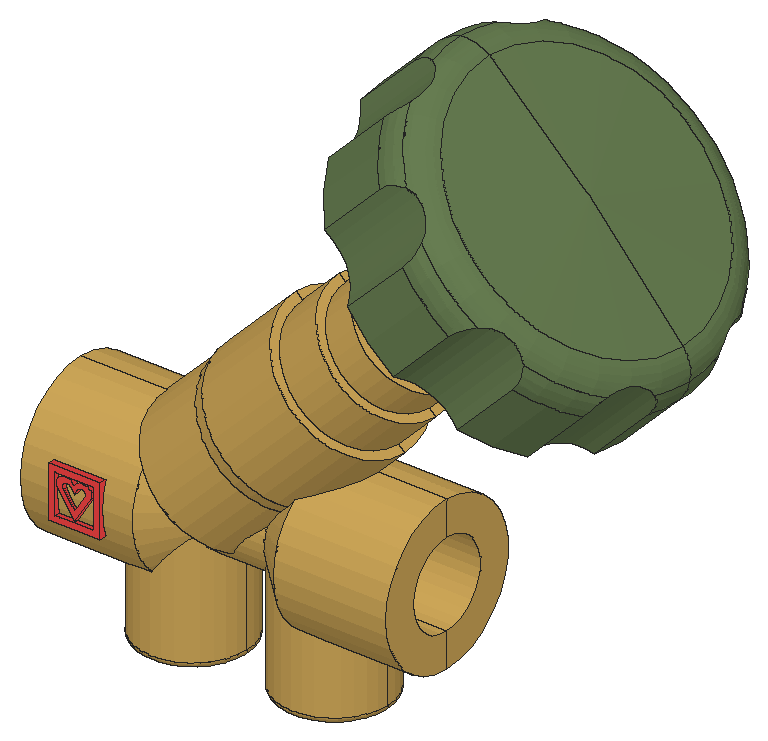
Revit family "Запорный клапан Strömax 4125 WD", category Rohrzubehör, Revit 2018
Family settings
  Bemaßung runder Anschluss = Durchmesser verwenden
  Teiletyp = Unterbricht
  OmniClass-Nummer = 23.65.55.14
  OmniClass-Titel = Valves for Liquid Services
  Arbeitsebenenbasiert = Nein
  Immer vertikal = Ja
  Beim Laden mit Abzugskörper schneiden = Nein
  Gemeinsam genutzt = Nein
Parameters
  Шпиндель = "Латунь CW617N"  # constant formula
  Уплотнение = "EPDM"  # constant formula
  Примечание = "В соответствии со статьей 33 Регламента REACH (Registration; Evaluation; Authorisation; Restriction of Chemicals) (EC № 1907/2006) мы обязаны указать, что свинец внесен в список SVHC (Substances of Very High Concern - вещества очень высокой важности) и весовой процент свинца во всех латунных компонентах заводского изготовления в наших изделиях, превышает 0,1 % (w/w) (CAS: 7439-92-1 / EINECS: 231-100-4).\r\nПоскольку свинец является легирующим компонентом сплава, прямое негативное влияние исключается, и поэтому дополнительной информации о безопасном использовании не требуется."
  Область применения = "Для перекрытия трубопроводов в системе питьевого водоснабжения в зданиях."
  Номер заказа [instance] = size_lookup("4125WD_", "Artnr", 0, Nennweite)  # 2412561
  Маховик = "пластик, цвет маховика - зеленый"  # constant formula
  Макс. рабочее давление = 2000000.0 Pa  # constant formula
  Макс. рабочая температура = 80 °C  # constant formula
  Корпус = "литая латунь, устойчивая к селективной цинковой коррозии, CC770S"  # constant formula
  Конус = "латунь, устойчивая к селективной цинковой коррозии, CW626N"  # constant formula
  Букса = "латунь, устойчивая к селективной цинковой коррозии, CW626N"  # constant formula
  W01 = 45.00°  # constant formula
  URL = "www.herz-armaturen.ru"
  Технически возможная область применения = " "  # constant formula
  SW01 = 60.00°  # constant formula
  SC_NennweiteBerechnet = 0
  SC_Dimension = ""
  SCTWSEQ = "FW_SBT_TYP_FW=\"109\";2"
  SCTWCODE = "04;00;02"  # constant formula
  S03 = 60 mm  # constant formula
  S02 [instance] = L06 + L09 + L12 + L15  # 77.9 mm
  S01 [instance] = R01 * 2  # 27 mm
  R12 [instance] = R01 - 1 mm  # 12.5 mm
  R11 [instance] = size_lookup("4125WD_", "R11", 46.5 mm, Nennweite)  # 5.1 mm
  R100 = 1 mm  # constant formula
  R10 [instance] = size_lookup("4125WD_", "R10", 46.5 mm, Nennweite)  # 8 mm
  R09 [instance] = size_lookup("4125WD_", "R9", 46.5 mm, Nennweite)  # 10.5 mm
  R08 [instance] = size_lookup("4125WD_", "R8", 46.5 mm, Nennweite)  # 12 mm
  R07 [instance] = size_lookup("4125WD_", "R7", 46.5 mm, Nennweite)  # 13.5 mm
  R06 [instance] = size_lookup("4125WD_", "R6", 43 mm, Nennweite)  # 13 mm
  R05 [instance] = Nennweite / 2  # 7.5 mm
  R03 = 9.5 mm  # constant formula
  R02 [instance] = Nennweite / 2  # 7.5 mm
  R01 [instance] = size_lookup("4125WD_", "R1", 11.5 mm, Nennweite)  # 13.5 mm
  Nennweite [instance] = 15 mm
  Мин. расход при Dp 10 кПа [instance] = if(Nennweite = 15 mm, 0.5 L/s, if(Nennweite = 20 mm, 1.0 L/s, if(Nennweite = 25 mm, 1.75 L/s, if(Nennweite = 32 mm, 3.0 L/s, if(Nennweite = 40 mm, 4.0 L/s, if(Nennweite = 50 mm, 6.75 L/s, if(Nennweite = 65 mm, 11.0 L/s, if(Nennweite = 80 mm, 16.0 L/s, 0.0 L/s))))))))  # 0.5 L/s
  Среда = "Питьевая вода"  # constant formula
  Макс. рабочая температура (в рамках ÖVGW-сертификации) = 65 °C  # constant formula
  Макс. перепад давления на закрытом седле = 1000000.0 Pa  # constant formula
  Макс. рабочее давление (в рамках ÖVGW-сертификации) = 1000000.0 Pa  # constant formula
  L16 [instance] = L01 / 2  # 10 mm
  L15 [instance] = size_lookup("4125WD_", "L15", 12.4 mm, Nennweite)  # 12.4 mm
  L14 [instance] = size_lookup("4125WD_", "L14", 81 mm, Nennweite)  # 6 mm
  L12 [instance] = size_lookup("4125WD_", "L12", 81 mm, Nennweite)  # 26 mm
  L11 [instance] = size_lookup("4125WD_", "L11", 60 mm, Nennweite)  # 6.7 mm
  L10 [instance] = size_lookup("4125WD_", "L10", 20 mm, Nennweite)  # 9.3 mm
  L09 [instance] = size_lookup("4125WD_", "L9", 11 mm, Nennweite)  # 17 mm
  L08 [instance] = size_lookup("4125WD_", "L8", 35 mm, Nennweite)  # 20 mm
  L07 [instance] = size_lookup("4125WD_", "L7", 35 mm, Nennweite)  # 12.5 mm
  L06 [instance] = size_lookup("4125WD_", "L6", 118 mm, Nennweite) - L09  # 22.5 mm
  L03 = 15 mm  # constant formula
  L02 [instance] = size_lookup("4125WD_", "L2", 22 mm, Nennweite)  # 6 mm
  L01 [instance] = size_lookup("4125WD_", "L1", 48 mm, Nennweite)  # 20 mm
  L00 [instance] = size_lookup("4125WD_", "L", 180 mm, Nennweite)  # 65 mm
  Hersteller = "HERZ Armaturen Ges.m.b.H."  # constant formula
  H01 [instance] = size_lookup("4125WD_", "H1", 53 mm, Nennweite)  # 24 mm
  Незапланированные повышения температуры = "до  95 °C, продолжительностью не более 1 часа"  # constant formula
  DN80 [instance] = Nennweite = 80 mm  # no
  DN65 [instance] = Nennweite = 65 mm  # no
  DN50 [instance] = Nennweite = 50 mm  # no
  DN40 [instance] = Nennweite = 40 mm  # no
  DN32 [instance] = Nennweite = 32 mm  # no
  DN25 [instance] = Nennweite = 25 mm  # no
  DN20 [instance] = Nennweite = 20 mm  # no
  DN15 [instance] = Nennweite = 15 mm  # yes
Reference planes
  plane 1 "Mitte (Vorne/hinten)": y = 0
  plane 2: z = 0
  plane 3 "Mitte (Links/rechts)": x = 0
Forms (mm)
  Revolve 1, solid, material "Messing, weicher Gelbton, geschweißt", detail levels fine
    sketch origin (470, 0, 0) x (1, 0, 0) y (0, 0, 1)
      loop
        line (-502.5, 7.5) -> (-487.5, 7.5) -> (-487.5, 0) -> (-452.5, 0) -> (-452.5, 7.5) -> (-437.5, 7.5) -> (-437.5, 13.5) -> (-457.5, 13.5) -> (-464, 7.5) -> (-476, 7.5) -> (-482.5, 13.5) -> (-502.5, 13.5) -> (-502.5, 7.5)
      axis (-502.5, 0) -> (-437.5, 0)
    angle from 0 to 360
  Revolve 2, solid, material "Messing, weicher Gelbton, geschweißt", detail levels fine
    sketch origin (470, 0, 0) x (1, 0, 0) y (0, 0, 1)
      loop
        line (-492, 0) -> (-492, -23)
        arc (-492, -23) -> (-491.707, -23.707) -> (-491, -24) r 1
        line (-491, -24) -> (-482.5, -24) -> (-482.5, 0) -> (-492, 0)
      axis (-482.5, 0) -> (-482.5, -24)
    angle from 0 to 360
  Revolve 3, solid, material "Messing, weicher Gelbton, geschweißt", detail levels fine
    sketch origin (-470, 0, 0) x (-1, 0, 0) y (0, 0, 1)
      loop
        line (-492, 0) -> (-492, -23)
        arc (-492, -23) -> (-491.707, -23.707) -> (-491, -24) r 1
        line (-491, -24) -> (-482.5, -24) -> (-482.5, 0) -> (-492, 0)
      axis (-482.5, 0) -> (-482.5, -24)
    angle from 0 to 360
  Revolve 4, solid, material "Messing, weicher Gelbton, geschweißt", detail levels fine
    sketch origin (0.32, 0, -0.105) x (1, 0, 0) y (0, 0, 1)
      loop
        line (-12.82, 0) -> (42.264, 55.084) -> (38.657, 58.69) -> (29.889, 49.922) -> (27.839, 51.972) -> (20.767, 44.901) -> (19, 46.669) -> (14.262, 41.931) -> (13.201, 42.992) -> (6.625, 36.416) -> (5.565, 37.477) -> (-6.456, 25.456) -> (-7.87, 23.335) -> (-17.77, 13.435) -> (-18.123, 5.303) -> (-12.82, 0)
      axis (-12.82, 0) -> (42.264, 55.084)
    angle from 0 to 360
Lines and regions (mm)
  model lines, detail levels coarse+medium
    curve 1: line (-32.5, 0, 13.5) -> (-32.5, 0, -13.5)
    curve 2: line (-32.5, 0, -13.5) -> (32.5, 0, 13.5)
    curve 3: line (32.5, 0, 13.5) -> (32.5, 0, -13.5)
    curve 4: line (32.5, 0, -13.5) -> (-32.5, 0, 13.5)
    curve 5: line (0, 0, 0) -> (38.95, 0, 67.463)
    curve 6: line (12.969, 0, 82.463) -> (64.931, 0, 52.463)
    curve 7: line (-32.5, 13.5, 0) -> (-32.5, -13.5, 0)
    curve 8: line (-32.5, -13.5, 0) -> (32.5, 13.5, 0)
    curve 9: line (32.5, 13.5, 0) -> (32.5, -13.5, 0)
    curve 10: line (32.5, -13.5, 0) -> (-32.5, 13.5, 0)
    curve 11: line (0, 0, 0) -> (38.95, 67.463, 0)
    curve 12: line (12.969, 82.463, 0) -> (64.931, 52.463, 0)
Dimensions and locks
  "H01": plane 2 to Revolve 2 sketch curve
  "L00": Revolve 1 sketch curve to Revolve 1 sketch curve
  equal spacing: Revolve 1 sketch curve, plane 3 "Mitte (Links/rechts)", Revolve 1 sketch curve
  "R01": Revolve 1 sketch curve to Revolve 1 sketch curve  (x2)
  "R02": Revolve 1 sketch curve to Revolve 1 sketch curve  (x3)
  "L01": Revolve 1 sketch curve to Revolve 1 sketch curve  (x2)
  "L02": plane 3 "Mitte (Links/rechts)" to Revolve 1 sketch curve
  "L02": Revolve 1 sketch curve to plane 3 "Mitte (Links/rechts)"
  "L03": Revolve 1 sketch curve to Revolve 1 sketch curve  (x2)
  "L01": Revolve 1 to Revolve 2 sketch curve
  "R03": Revolve 2 sketch curve to Revolve 2 sketch curve
  "L01": Revolve 3 sketch curve to Revolve 1
  "R03": Revolve 3 sketch curve to Revolve 3 sketch curve
  "H01": plane 2 to Revolve 3 sketch curve
  "R07": Revolve 4 sketch curve to Revolve 4 sketch curve
  "L07": plane 3 "Mitte (Links/rechts)" to Revolve 4 sketch curve
  "R05": Revolve 4 sketch curve to Revolve 4 sketch curve
  "L06": Revolve 4 sketch curve to Revolve 4 sketch curve
  "L08": Revolve 4 sketch curve to Revolve 4 sketch curve
  "R06": Revolve 4 sketch curve to Revolve 4 sketch curve
  "L14": Revolve 4 sketch curve to Revolve 4 sketch curve
  "L09": Revolve 4 sketch curve to Revolve 4 sketch curve
  "R08": Revolve 4 sketch curve to Revolve 4 sketch curve
  "L10": Revolve 4 sketch curve to Revolve 4 sketch curve
  "R09": Revolve 4 sketch curve to Revolve 4 sketch curve
  "R10": Revolve 4 sketch curve to Revolve 4 sketch curve
  "L12": Revolve 4 sketch curve to Revolve 4 sketch curve
  "R11": Revolve 4 sketch curve to Revolve 4 sketch curve
  "L15": Revolve 4 sketch curve to Revolve 4 sketch curve
  "L11": Revolve 4 sketch curve to Revolve 4 sketch curve
  "R12": nested 9 to plane 1 "Mitte (Vorne/hinten)"
  "L16": Revolve 1 to nested 9
  equal spacing: curve 1, plane 3 "Mitte (Links/rechts)", curve 3
  "L00": curve 1 to curve 3
  equal spacing: curve 4, plane 2, curve 2
  "S01": curve 4 to curve 2
  equal spacing: curve 3, plane 2, curve 4
  "S01": curve 3 to curve 4
  "S02": curve 5 to curve 5
  equal spacing: curve 6, curve 5, curve 6
  "S03": curve 6 to curve 6
  equal spacing: curve 7, plane 3 "Mitte (Links/rechts)", curve 9
  "L00": curve 7 to curve 9
  equal spacing: curve 8, plane 1 "Mitte (Vorne/hinten)", curve 10
  "S01": curve 10 to curve 8
  equal spacing: curve 10, plane 1 "Mitte (Vorne/hinten)", curve 9
  "S01": curve 9 to curve 10
  "S02": curve 11 to curve 11
  equal spacing: curve 12, curve 11, curve 12
  "S03": curve 12 to curve 12
  "R100": radius of Revolve 2 sketch curve
  "R100": radius of Revolve 3 sketch curve
  "W01": angle plane 2 to Revolve 4 sketch curve
  "W01": angle level to Revolve 4 sketch curve
  "SW01": angle plane 2 to curve 5
  "SW01": angle plane 1 "Mitte (Vorne/hinten)" to curve 11
  aligned and locked: level to plane 2
Automatic sketch dimensions
  curve 5 to level = 0 mm
  plane 1 "Mitte (Vorne/hinten)" to curve 11 = 0 mm
  Revolve 1 sketch curve to level = 0 mm  (x2)
  Revolve 1 sketch curve to Revolve 1 sketch curve = 791.99 mm
  Revolve 1 sketch curve to Revolve 1 sketch curve = 2278.983 mm
  Revolve 2 sketch curve to level = 0 mm  (x2)
  Revolve 2 sketch curve to Revolve 2 sketch curve = 0 mm
  Revolve 2 sketch curve to Revolve 2 sketch curve = 0.292 mm
  Revolve 3 sketch curve to level = 0 mm  (x2)
  Revolve 3 sketch curve to Revolve 3 sketch curve = 0 mm
  Revolve 3 sketch curve to Revolve 3 sketch curve = 0.292 mm
  Revolve 4 sketch curve to level = 0.105 mm
  Revolve 4 sketch curve to Revolve 4 sketch curve = 0 mm  (x2)
Nested families
  nested 1: "Strömax-Handrad_Schrägsitz (Grün)" at (42.584, 0, 54.979), visible <- "DN15", type "Strömax-Handrad_Schrägsitz (Grün)", detail levels fine
    with Nennweite 0 mm, Gewicht 0.00 kg, Bestellnummer 0
  nested 2: "Strömax-Handrad_Schrägsitz (Grün)" at (54.312, 0, 67.707), visible <- "DN20", type "Strömax-Handrad_Schrägsitz (Grün)", detail levels fine
    with Nennweite 0 mm, Gewicht 0.00 kg, Bestellnummer 0
  nested 3: "Strömax-Handrad_Schrägsitz (Grün)" at (62.469, 0, 80.364), visible <- "DN25", type "Strömax-Handrad_Schrägsitz (Grün)", detail levels fine
    with Nennweite 0 mm, Gewicht 0.00 kg, Bestellnummer 0
  nested 4: "Strömax-Handrad_Schrägsitz (Grün)" at (71.712, 0, 91.607), visible <- "DN32", type "Strömax-Handrad_Schrägsitz (Grün)", detail levels fine
    with Nennweite 0 mm, Gewicht 0.00 kg, Bestellnummer 0
  nested 5: "Strömax-Handrad_Schrägsitz (Grün)" at (80.399, 0, 101.294), visible <- "DN40", type "Strömax-Handrad_Schrägsitz (Grün)", detail levels fine
    with Nennweite 0 mm, Gewicht 0.00 kg, Bestellnummer 0
  nested 6: "Strömax-Handrad_Schrägsitz (Grün)" at (97.83, 0, 129.225), visible <- "DN50", type "Strömax-Handrad_Schrägsitz (Grün)", detail levels fine
    with Nennweite 0 mm, Gewicht 0.00 kg, Bestellnummer 0
  nested 7: "Strömax-Handrad_Schrägsitz (Grün)" at (114.482, 0, 149.378), visible <- "DN65", type "Strömax-Handrad_Schrägsitz (Grün)", detail levels fine
    with Nennweite 0 mm, Gewicht 0.00 kg, Bestellnummer 0
  nested 8: "Strömax-Handrad_Schrägsitz (Grün)" at (140.423, 0, 183.319), visible <- "DN80", type "Strömax-Handrad_Schrägsitz (Grün)", detail levels fine
    with Nennweite 0 mm, Gewicht 0.00 kg, Bestellnummer 0
  nested 9: "Herz-Logo-vorne" at (-22.5, -13.232, 0) x (0, 1, 0) z (0, 0, 1), type "Herz-Logo-vorne", detail levels fine
Connectors
  piping at (-17.5, 0, 0), diameter 15, driven by "Nennweite"
    settings: on Revolve 1, index 1, connector inside diameter 609.6 mm, connector length 0 mm, flow factor 0, pipe flow 0.0 L/s, pressure drop 0.0 Pa, fitting loss kfactor 0, connector angle 0.00°, fixture units 0, engagement length 0 mm, angle of deflection 0.00°, flow configuration 0, flow direction 1, fitting loss method 0, system type 29, joint type 0, gender type 0, connector reference index -1, connector utility 0, adjustable connector no, is connector primary yes, connector description ""
  piping at (17.5, 0, 0), diameter 15, driven by "Nennweite"
    settings: on Revolve 1, index 2, connector inside diameter 609.6 mm, connector length 0 mm, flow factor 0, pipe flow 0.0 L/s, pressure drop 0.0 Pa, fitting loss kfactor 0, connector angle 0.00°, fixture units 0, engagement length 0 mm, angle of deflection 0.00°, flow configuration 0, flow direction 2, fitting loss method 0, system type 29, joint type 0, gender type 0, connector reference index -1, connector utility 0, adjustable connector no, is connector primary no, connector description ""
Definition of nested family "Strömax-Handrad_Schrägsitz (Grün)"
  Parameters (values of type "Strömax-Handrad_Schrägsitz (Grün)")
    URL = "www.herz-armaturen.at"
    Nennweite [instance] = 0 mm
    Manufacturer = "Herz Armaturen GmbH"  # constant formula
    Gewicht [instance] = 0.00 kg
    Bestellnummer [instance] = 0
  Reference planes
    plane 1 "Mitte (Vorne/hinten)": y = 0
    plane 2: z = 0
    plane 3 "Mitte (Links/rechts)": x = 0
  Forms (mm)
    Revolve 1, solid
      sketch origin (0, 0, 0) x (0.707107, 0, -0.707107) y (0.707107, 0, 0.707107)
        loop
          line (0, 0) -> (0, 22)
          arc (0, 22) -> (-12.15, 21.705) -> (-24.271, 20.819) r 250
          arc (-24.271, 20.819) -> (-26.831, 19.959) -> (-28.754, 18.063) r 6
          arc (-28.754, 18.063) -> (-29.682, 16.008) -> (-30, 13.776) r 8
          line (-30, 13.776) -> (-30, 0) -> (0, 0)
        axis (0, 22) -> (0, 0)
      angle from 0 to 360
    Extrusion 2, void
      sketch origin (0, 0, 0) x (0.707107, 0, -0.707107) y (0, 1, 0)
        loop
          circle (14.351, -34.645) r 10
      from 0 to 22
    Extrusion 3, void
      sketch origin (0, 0, 0) x (-0.707107, 0, 0.707107) y (0, -1, 0)
        loop
          circle (14.351, 34.645) r 10
      from 0 to 22
    Extrusion 4, void
      sketch origin (0, 0, 0) x (0, -1, 0) y (0.707107, 0, -0.707107)
        loop
          circle (14.351, 34.645) r 10
      from 0 to 22
    Extrusion 5, void
      sketch origin (0, 0, 0) x (0, 1, 0) y (-0.707107, 0, 0.707107)
        loop
          circle (14.351, -34.645) r 10
      from 0 to 22
    Extrusion 6, void
      sketch origin (0, 0, 0) x (0, -1, 0) y (0.707107, 0, -0.707107)
        loop
          circle (14.351, -34.645) r 10
      from 0 to 22
    Extrusion 7, void
      sketch origin (0, 0, 0) x (0, 1, 0) y (-0.707107, 0, 0.707107)
        loop
          circle (14.351, 34.645) r 10
      from 0 to 22
    Extrusion 8, void
      sketch origin (0, 0, 0) x (0.707107, 0, -0.707107) y (0, 1, 0)
        loop
          circle (14.351, 34.645) r 10
      from 0 to 22
    Extrusion 9, void
      sketch origin (0, 0, 0) x (-0.707107, 0, 0.707107) y (0, -1, 0)
        loop
          circle (14.351, -34.645) r 10
      from 0 to 22
  Cuts and joins
    Extrusion 2, Extrusion 3, Extrusion 4, Extrusion 5, Extrusion 6, Extrusion 7, Extrusion 8, Extrusion 9 cuts Revolve 1
  Dimensions and locks
    aligned and locked: level to plane 2
Definition of nested family "Herz-Logo-vorne"
  Reference planes
    plane 1 "Mitte (Vorne/hinten)": y = 0
    plane 2: z = 0
    plane 3 "Mitte (Links/rechts)": x = 0
  Forms (mm)
    Extrusion 1, solid
      sketch origin (0.732, -0.018, 0.017) x (0, -1, 0) y (0, 0, 1)
        loop
          line (-0.018, -4.517) -> (4.482, -4.517) -> (4.482, 4.483) -> (-4.518, 4.483) -> (-4.518, -4.517) -> (-0.018, -4.517)
        loop
          line (-0.05, -3.48) -> (3.482, -3.48) -> (3.482, 3.483) -> (-3.518, 3.483) -> (-3.518, -3.48) -> (-0.05, -3.48)
        loop
          arc (-0.018, 2.383) -> (-1.543, 3.287) -> (-3.067, 2.383) r 1.738
          arc (-3.067, 2.383) -> (-3.191, 1.899) -> (-3.067, 1.415) r 1.009
          line (-3.067, 1.415) -> (-0.018, -3.281) -> (3.032, 1.415)
          arc (3.032, 1.415) -> (3.156, 1.899) -> (3.032, 2.383) r 1.009
          arc (3.032, 2.383) -> (1.507, 3.287) -> (-0.018, 2.383) r 1.738
        loop
          arc (1.885, 1.272) -> (2.005, 1.675) -> (1.885, 2.079) r 0.74
          arc (1.885, 2.079) -> (1.265, 2.416) -> (0.644, 2.079) r 0.74
          line (0.644, 2.079) -> (-0.018, 0.97) -> (-0.679, 2.079)
          arc (-0.679, 2.079) -> (-1.3, 2.416) -> (-1.921, 2.079) r 0.74
          arc (-1.921, 2.079) -> (-2.04, 1.675) -> (-1.921, 1.272) r 0.74
          line (-1.921, 1.272) -> (-0.018, -1.658) -> (1.885, 1.272)
      from 0 to 1.5
  Dimensions and locks
    aligned and locked: level to plane 2
